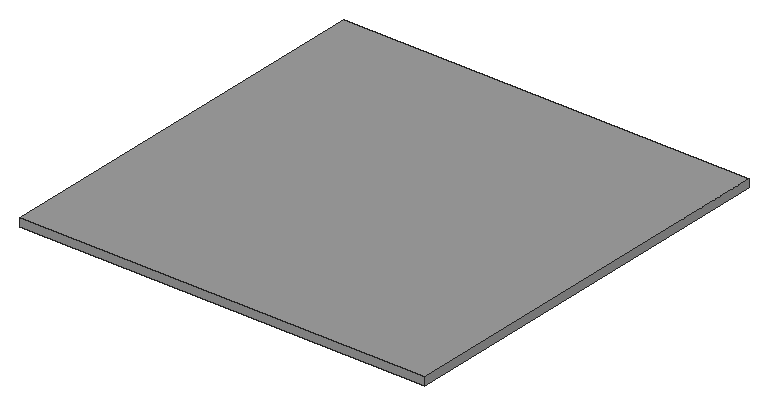
Revit family "WM-MN Skimmend 80mm Family", category Generic Models, host Ceiling, Revit 2017
Family settings
  Host = Ceiling
  Can host rebar = No
  Round Connector Dimension = Use Diameter
  Part Type = Normal
  Always vertical = Yes
  Cut with Voids When Loaded = No
  Shared = No
  Room Calculation Point = No
Parameters (values of type "Lambdaboard")
  Width = 4000 mm
  URL = "www.rigifoam.com"
  Type Comments = "duncan@rigifoam.ocm"
  Thermal Resistance = 3.3300 (m²·K)/W
  Thermal Conductivity = 0.0240 W/(m·K)
  Model = "WM/MN Skimmend 80mm"
  Material = Polyisocyanurate
  Manufacturer = "Lambdaboard"
  Length = 4000 mm
  Description = "Flexible PIR Insulation"
  Depth = 80 mm
  Density = 40.0000 kg/m³
Reference planes
  plane 1 "Center (Front/Back)": y = 0
  plane 2: z = 0
  plane 3 "Center (Left/Right)": x = 0
  plane 4 "Ceiling": z = 4000
Forms (mm)
  Extrusion 1, solid, material "Polyisocyanurate" <- "Material"
    sketch origin (0, 0, 4000) x (0, 1, 0) y (-1, 0, 0)
      loop
        line (2000, 2000) -> (-2000, 2000) -> (-2000, -2000) -> (2000, -2000) -> (2000, 2000)
    from -80 to 0
Dimensions and locks
  equal spacing: host sketch curve, plane 3 "Center (Left/Right)", host sketch curve
  equal spacing: host sketch curve, plane 1 "Center (Front/Back)", host sketch curve
  host sketch curve to host sketch curve = 4000 mm  (x2)
  plane 4 "Ceiling" to host ceiling = 0 mm
  "Length": Extrusion 1 to Extrusion 1
  Extrusion 1 to plane 3 "Center (Left/Right)" = 2000 mm
  plane 3 "Center (Left/Right)" to Extrusion 1 = 2000 mm
  "Width": Extrusion 1 to Extrusion 1
  "Depth": Extrusion 1 to Extrusion 1
Automatic sketch dimensions
  plane 1 "Center (Front/Back)" to Extrusion 1 sketch curve = 2000 mm
  Extrusion 1 sketch curve to plane 1 "Center (Front/Back)" = 2000 mm
  plane 3 "Center (Left/Right)" to Extrusion 1 sketch curve = 2000 mm
  Extrusion 1 sketch curve to plane 3 "Center (Left/Right)" = 2000 mm
